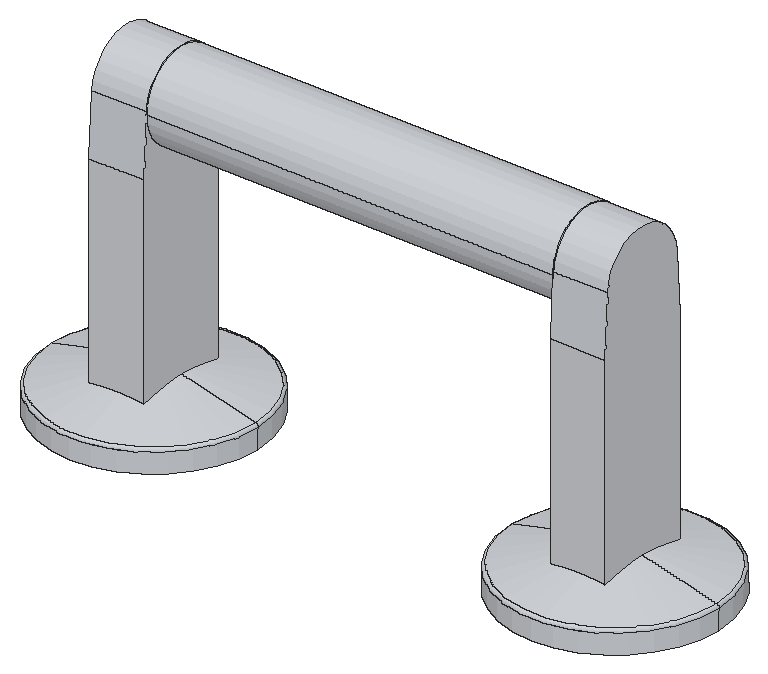
Revit family "Accessory-Tissue_Holder-KOHLER-Components-K-78382", category Specialty Equipment, host Face, Revit 2015
Parameters (values of type "CP-Polished Chrome")
  Width = 2 3/8"  # constant formula
  URL = "https://www.us.kohler.com/us/"
  Type = 1
  Product Page URL = "http://www.us.kohler.com/us/catalog/productDetails.jsp?productNumber=78382"
  Product Name = "Components"  # constant formula
  Product Documentation Link = "http://www.us.kohler.com/onlinecatalog/pdf/K-78382_spec.pdf"
  Model = if(Type = 1, "K-78382-CP", if(Type = 2, "K-78382-BN", if(Type = 3, "K-78382-BL", if(Type = 4, "K-78382-TT", "NA"))))  # "K-78382-CP"
  Material = "Premium Metal Construction"  # constant formula
  MasterFormat 2004 = "10.28.13"  # constant formula
  MasterFormat 1995 = "10820"  # constant formula
  Manufacturer Address = "444 Highland Dr, Kohler, WI 53044"  # constant formula
  Manufacturer = "KOHLER Co."  # constant formula
  Length = 5 1/4"  # constant formula
  Height = 3 13/16"  # constant formula
  Finish = Kohler-Metal-CP-Polished_Chrome
  Environmental Product Declaration = ""
  Description = "Pivoting Toilet Tissue Holder"  # constant formula
  Default Elevation = 42"
  Declare Label = ""
  Date Modified = "07/09/2018"  # constant formula
  Date Created = "07/09/2018"  # constant formula
  Copyright = "Copyright KOHLER Co."  # constant formula
  Contact Us = "https://www.us.kohler.com/us/static/contact.jsp"
  Assembly Code = "C1030200"
  ADA Compliant = 1 = 0  # no
Types (4): name | Type | Model | Finish
  (no name) | 1 | "K-78382-CP" | Kohler-Metal-CP-Polished_Chrome
  CP-Polished Chrome | 1 | "K-78382-CP" | Kohler-Metal-CP-Polished_Chrome
  BL-Matte Black | 3 | "K-78382-BL" | Kohler-Metal-BL-Matte_Black
  TT-Vibrant Titanium | 4 | "K-78382-TT" | Kohler-Metal-TT-Vibrant_Titanium
Reference planes (in)
  plane 1 "Center (Front/Back)": y = 0
  plane 2: z = 0
  plane 3 "Center (Left/Right)": x = 0
  plane 4: x = -2.625
  plane 5: x = 2.625
  plane 6: y = 1.1875
  plane 7: y = -1.1875
  plane 8: z = 3.8125
Dimensions and locks (in)
  "Length": plane 4 to plane 5
  "Width": plane 6 to plane 7
  "Height": plane 8 to level
  aligned and locked: plane 2 to host face
  aligned and locked: level to host face
Automatic sketch dimensions
  host sketch curve to host sketch curve = 96"  (x2)
Nested families (in)
  nested 1: "K-78382" at (0, 0, 0), type "K-78382"
Definition of nested family "K-78382"
  Parameters (values of type "K-78382")
    Material = none
    Length = 5 1/4"
  Reference planes (in)
    plane 1 "Center (Front/Back)": y = 0
    plane 2: z = 0
    plane 3 "Center (Left/Right)": x = 0
    plane 4: x = -2.625
    plane 5: x = 2.625
    plane 6: y = 1.1875
    plane 7: z = 3.8125
    plane 8: y = -1.1875
  Forms (in)
    Revolve 1, solid, material <- "Material", detail levels medium+fine
      sketch origin (0, 0, 0) x (1, 0, 0) y (0, 0, 1)
        loop
          line (-3.8125, 0) -> (-2.625, 0) -> (-2.625, 0.54137) -> (-3.78223, 0.26168)
          arc (-3.78223, 0.26168) -> (-3.80402, 0.24769) -> (-3.8125, 0.22322) r 0.03957
          line (-3.8125, 0.22322) -> (-3.8125, 0)
        axis (-2.625, 0.54137) -> (-2.625, 0)
      angle from 0 to 360
    Revolve 2, solid, material <- "Material", detail levels medium+fine
      sketch origin (0, 0, 0) x (-1, 0, 0) y (0, 0, 1)
        loop
          line (-3.8125, 0) -> (-2.625, 0) -> (-2.625, 0.54137) -> (-3.78223, 0.26168)
          arc (-3.78223, 0.26168) -> (-3.80402, 0.24769) -> (-3.8125, 0.22322) r 0.03957
          line (-3.8125, 0.22322) -> (-3.8125, 0)
        axis (-2.625, 0.54137) -> (-2.625, 0)
      angle from 0 to 360
    Extrusion 3, solid, material <- "Material"
      sketch origin (0, 0, 0) x (0, 1, 0) y (0, 0, 1)
        loop
          line (0.53148, 0.31966) -> (0.53148, 2.67688) -> (0.49187, 3.34968)
          arc (0.49187, 3.34968) -> (0.00002, 3.81344) -> (-0.49187, 3.34971) r 0.49272
          line (-0.49187, 3.34971) -> (-0.53152, 2.67688) -> (-0.53152, 0.31966) -> (0.53148, 0.31966)
      from 2.31594 to 2.93406
    Extrusion 4, solid, material <- "Material"
      sketch origin (0, 0, 0) x (0, 1, 0) y (0, 0, -1)
        loop
          line (0.53148, -0.31966) -> (-0.53152, -0.31966) -> (-0.53152, -2.67688) -> (-0.49187, -3.34971)
          arc (-0.49187, -3.34971) -> (0.00002, -3.81344) -> (0.49187, -3.34968) r 0.49272
          line (0.49187, -3.34968) -> (0.53148, -2.67688) -> (0.53148, -0.31966)
      from 2.31594 to 2.93406
    Extrusion 5, solid, material <- "Material"
      sketch origin (0, 0, 0) x (0, 1, 0) y (0, 0, 1)
        loop
          circle (0, 3.32072) r 0.49272
      from -2.31594 to 2.31594
    Extrusion 6, solid, material <- "Material", detail levels coarse
      sketch origin (0, 0, 0) x (1, 0, 0) y (0, 1, 0)
        loop
          circle (-2.625, 0) r 1.1875
        loop
          circle (2.625, 0) r 1.1875
      from 0 to 0.44658
  Cuts and joins
    joined: Revolve 1, Revolve 2
    joined: Extrusion 3, Extrusion 4
  Lines and regions (in)
    Masking region 1
      outline origin (0, 0, 0) x (0, 1, 0) y (0, 0, 1)
        loop
          line (-1.1875, 0) -> (1.1875, 0) -> (1.1875, 0.22546)
          arc (1.1875, 0.22546) -> (1.17952, 0.24851) -> (1.15899, 0.26168) r 0.03726
          line (1.15899, 0.26168) -> (0.53148, 0.41316) -> (0.53148, 2.67688) -> (0.49187, 3.34968)
          arc (0.49187, 3.34968) -> (0.00002, 3.81344) -> (-0.49187, 3.34971) r 0.49272
          line (-0.49187, 3.34971) -> (-0.53152, 2.67688) -> (-0.53152, 0.41315) -> (-1.15899, 0.26168)
          arc (-1.15899, 0.26168) -> (-1.17952, 0.24851) -> (-1.1875, 0.22546) r 0.03726
          line (-1.1875, 0.22546) -> (-1.1875, 0)
    Masking region 2
      outline origin (0, 0, 0) x (1, 0, 0) y (0, 0, 1)
        loop
          line (-3.8125, 0) -> (-1.4375, 0) -> (-1.4375, 0.22322)
          arc (-1.4375, 0.22322) -> (-1.44598, 0.24769) -> (-1.46777, 0.26168) r 0.03957
          line (-1.46777, 0.26168) -> (-2.31594, 0.46667) -> (-2.31594, 2.82631) -> (2.31594, 2.82631) -> (2.31594, 0.46667) -> (1.46777, 0.26168)
          arc (1.46777, 0.26168) -> (1.44598, 0.24769) -> (1.4375, 0.22322) r 0.03957
          line (1.4375, 0.22322) -> (1.4375, 0) -> (3.8125, 0) -> (3.8125, 0.22322)
          arc (3.8125, 0.22322) -> (3.80402, 0.24769) -> (3.78223, 0.26168) r 0.03957
          line (3.78223, 0.26168) -> (2.93406, 0.46667) -> (2.93406, 3.8125) -> (-2.93406, 3.8125) -> (-2.93406, 0.46667) -> (-3.78223, 0.26168)
          arc (-3.78223, 0.26168) -> (-3.80402, 0.24769) -> (-3.8125, 0.22322) r 0.03957
          line (-3.8125, 0.22322) -> (-3.8125, 0)
    Masking region 3
      outline origin (0, 0, 0) x (1, 0, 0) y (0, 1, 0)
        loop
          line (-1.54477, -0.49321) -> (1.54477, -0.49321)
          arc (1.54477, -0.49321) -> (3.8125, 0.00004) -> (1.54474, 0.49314) r 1.1875
          line (1.54474, 0.49314) -> (-1.54474, 0.49314)
          arc (-1.54474, 0.49314) -> (-3.8125, 0.00004) -> (-1.54477, -0.49321) r 1.1875
    symbolic lines, detail levels medium+fine
      curve 1: arc (0, 0, 0.46667) -> (0, 0.26754, 0.44262) -> (0, 0.53148, 0.39271) r 2.76424
      curve 2: arc (0, -0.53152, 0.3927) -> (0, -0.26756, 0.44261) -> (0, 0, 0.46667) r 2.76424
      curve 3: line (-2.31594, 0, 2.82631) -> (-2.31594, 0, 3.81274)
      curve 4: line (2.31594, 0, 2.82631) -> (2.31594, 0, 3.81274)
      curve 5: line (-2.93406, 0, 0.46667) -> (-2.31594, 0, 0.46667)
      curve 6: line (2.31594, 0, 0.46667) -> (2.93406, 0, 0.46667)
      curve 7: line (-2.93406, 0.53038, 0) -> (-2.93406, -0.53038, 0)
      curve 8: line (-2.31594, -0.53038, 0) -> (-2.31594, 0.53038, 0)
      curve 9: line (2.93406, -0.53038, 0) -> (2.93406, 0.53038, 0)
      curve 10: line (2.31594, 0.53038, 0) -> (2.31594, -0.53038, 0)
      curve 11: line (2.93406, 0.53038, 0) -> (2.31594, 0.53038, 0)
      curve 12: line (2.31594, -0.53038, 0) -> (2.93406, -0.53038, 0)
      curve 13: line (-2.93406, 0.53038, 0) -> (-2.31594, 0.53038, 0)
      curve 14: line (-2.31594, -0.53038, 0) -> (-2.93406, -0.53038, 0)
      curve 15: line (-1.54474, 0.49314, 0) -> (-2.31594, 0.49314, 0)
      curve 16: line (-1.54477, -0.49321, 0) -> (-2.31594, -0.49321, 0)
      curve 17: line (1.54474, 0.49314, 0) -> (2.31594, 0.49314, 0)
      curve 18: line (1.54477, -0.49321, 0) -> (2.31594, -0.49321, 0)
      curve 19: line (0, -0.53152, 0.43794) -> (0, -0.53152, 0.3927)
      curve 20: line (0, 0.53148, 0.43921) -> (0, 0.53148, 0.39271)
      curve 21: line (-2.31594, 0, 2.67688) -> (-2.93406, 0, 2.67688)
      curve 22: line (2.31594, 0, 2.67688) -> (2.93406, 0, 2.67688)
  Dimensions and locks (in)
    equal spacing: plane 4, plane 3 "Center (Left/Right)", plane 5
    "Length": plane 4 to plane 5
    locked: Revolve 1 sketch curve to plane 4 at 1.1875
    locked: Revolve 2 sketch curve to plane 5 at 1.1875
    equal spacing: Extrusion 3, plane 5, Extrusion 3
    equal spacing: Extrusion 4, plane 4, Extrusion 4
    plane 7 to level = 3 13/16"
    equal spacing: Masking region 2 sketch curve, plane 4, Masking region 2 sketch curve
    locked: Masking region 2 sketch curve to Masking region 2 sketch curve at 2.375  (x2)
    equal spacing: Masking region 2 sketch curve, plane 5, Masking region 2 sketch curve
    locked: cut or joined group of Extrusion 3, Extrusion 4 to cut or joined group of Extrusion 3, Extrusion 4 at 0.61811  (x2)
    plane 6 to plane 8 = 2 3/8"
    aligned and locked: plane 2 to level
    aligned and locked: Revolve 1 sketch curve to plane 4
    aligned and locked: plane 4 to Revolve 1 sketch curve
    aligned and locked: plane 5 to Revolve 2 sketch curve
    aligned and locked: Revolve 2 sketch curve to plane 5
    aligned and locked: Extrusion 5 to Extrusion 4
    aligned and locked: Extrusion 5 to Extrusion 3
    aligned and locked: cut or joined group of Extrusion 3, Extrusion 4 to Masking region 2 sketch curve  (x4)
    aligned and locked: Masking region 2 sketch curve to cut or joined group of Extrusion 3, Extrusion 4  (x2)
    aligned and locked: Masking region 2 to curve 3
    aligned and locked: curve 4 to Masking region 2
    aligned and locked: curve 5 to Masking region 2
    aligned and locked: curve 6 to Masking region 2
    aligned and locked: Masking region 3 sketch curve to cut or joined group of Revolve 1, Revolve 2  (x2)
    aligned and locked: cut or joined group of Extrusion 3, Extrusion 4 to curve 7
    aligned and locked: cut or joined group of Extrusion 3, Extrusion 4 to curve 8
    aligned and locked: cut or joined group of Extrusion 3, Extrusion 4 to curve 9
    aligned and locked: cut or joined group of Extrusion 3, Extrusion 4 to curve 10
    aligned and locked: curve 15 to Masking region 3
    aligned and locked: curve 16 to Masking region 3
    aligned and locked: curve 17 to Masking region 3
    aligned and locked: curve 18 to Masking region 3
    aligned and locked: Extrusion 6 sketch curve to Masking region 3  (x2)
    aligned and locked: curve 21 to cut or joined group of Extrusion 3, Extrusion 4
    aligned and locked: curve 22 to cut or joined group of Extrusion 3, Extrusion 4
  Automatic sketch dimensions
    Masking region 1 sketch curve to level = 0"
    Masking region 1 sketch curve to plane 8 = 0"
    Masking region 1 sketch curve to plane 6 = 0"
    Masking region 1 sketch curve to plane 8 = 0.02851"
    Masking region 1 sketch curve to Masking region 1 sketch curve = 0.00874"
    Masking region 1 sketch curve to plane 1 "Center (Front/Back)" = 0.53148"
    Masking region 1 sketch curve to Masking region 1 sketch curve = 0.03726"
    Masking region 1 sketch curve to plane 6 = 0.02851"
    level to Masking region 1 sketch curve = 0.22546"  (x2)
    level to Masking region 1 sketch curve = 0.41316"
    Revolve 1 sketch curve to level = 0"  (x2)
    level to Revolve 1 sketch curve = 0.26168"
    Revolve 1 sketch curve to Revolve 1 sketch curve = 0.03027"
    Revolve 1 sketch curve to Revolve 1 sketch curve = 0.0093"
    level to Revolve 1 sketch curve = 0.54137"
    Revolve 1 sketch curve to Revolve 1 sketch curve = 0.35774"
    Revolve 2 sketch curve to level = 0"  (x2)
    Revolve 2 sketch curve to level = 0.26168"
    Revolve 2 sketch curve to Revolve 2 sketch curve = 0.03027"
    Revolve 2 sketch curve to Revolve 2 sketch curve = 0.0093"
    Revolve 2 sketch curve to Revolve 2 sketch curve = 0.54137"
    level to Revolve 2 sketch curve = 0.35774"
    Masking region 2 sketch curve to plane 7 = 0"
    Masking region 2 sketch curve to level = 0"  (x2)
    level to Masking region 2 sketch curve = 0.26168"  (x4)
    Masking region 2 sketch curve to Masking region 2 sketch curve = 0.03027"  (x2)
    Masking region 2 sketch curve to Masking region 2 sketch curve = 0.0093"  (x3)
    Masking region 2 sketch curve to Masking region 2 sketch curve = 0.03957"  (x3)
    level to Masking region 2 sketch curve = 0.46667"  (x4)
    Masking region 2 sketch curve to plane 7 = 0.98619"
    curve 5 to plane 4 = 0.30906"
    plane 4 to curve 5 = 0.30906"
    curve 6 to plane 5 = 0.30906"
    plane 5 to curve 6 = 0.30906"
    curve 4 to plane 7 = 0.98619"
    curve 3 to plane 7 = 0.98619"
    plane 7 to curve 4 = 0.00024"
    plane 7 to curve 3 = 0.00024"
    plane 1 "Center (Front/Back)" to Masking region 3 sketch curve = 0.49321"
    Masking region 3 sketch curve to plane 1 "Center (Front/Back)" = 0.49314"
    curve 10 to curve 18 = 0.03716"
    plane 1 "Center (Front/Back)" to curve 16 = 0.49321"
    curve 17 to curve 10 = 0.03724"
    curve 15 to curve 8 = 0.03724"
    plane 1 "Center (Front/Back)" to Extrusion 4 sketch curve = 0.53152"
    plane 1 "Center (Front/Back)" to Extrusion 4 sketch curve = 0.49187"
    Extrusion 4 sketch curve to plane 1 "Center (Front/Back)" = 0"
    Extrusion 4 sketch curve to plane 7 = 0.46282"
    Extrusion 4 sketch curve to plane 1 "Center (Front/Back)" = 0.49187"
    Extrusion 4 sketch curve to plane 1 "Center (Front/Back)" = 0.53148"
    Extrusion 4 sketch curve to Extrusion 4 sketch curve = 0.00003"
    Extrusion 4 sketch curve to Extrusion 4 sketch curve = 0.67283"
    level to Extrusion 4 sketch curve = 0.31966"
    Extrusion 4 sketch curve to Extrusion 4 sketch curve = 0.6728"
    plane 1 "Center (Front/Back)" to curve 7 = 0.53038"
    curve 8 to plane 1 "Center (Front/Back)" = 0.53038"
    plane 1 "Center (Front/Back)" to Extrusion 3 sketch curve = 0.53152"
    plane 1 "Center (Front/Back)" to Extrusion 3 sketch curve = 0.49187"
    Extrusion 3 sketch curve to plane 1 "Center (Front/Back)" = 0"
    Extrusion 3 sketch curve to plane 7 = 0.46282"
    Extrusion 3 sketch curve to plane 1 "Center (Front/Back)" = 0.49187"
    Extrusion 3 sketch curve to plane 1 "Center (Front/Back)" = 0.53148"
    Extrusion 3 sketch curve to plane 7 = 0.49178"
    Extrusion 3 sketch curve to Extrusion 3 sketch curve = 0.67283"
    Extrusion 3 sketch curve to Extrusion 3 sketch curve = 0.6728"
    level to Extrusion 3 sketch curve = 0.31966"
    plane 1 "Center (Front/Back)" to curve 12 = 0.53038"
    curve 11 to plane 1 "Center (Front/Back)" = 0.53038"
    level to Masking region 1 sketch curve = 0.41315"
    Masking region 1 sketch curve to plane 7 = 1.13562"
    Masking region 1 sketch curve to plane 1 "Center (Front/Back)" = 0.49187"
    Masking region 1 sketch curve to plane 7 = 0.46282"
    Masking region 1 sketch curve to Masking region 1 sketch curve = 0"
    plane 1 "Center (Front/Back)" to Masking region 1 sketch curve = 0.49187"
    Masking region 1 sketch curve to plane 7 = 0.46279"
    Masking region 1 sketch curve to plane 7 = 0.49178"
    plane 1 "Center (Front/Back)" to Masking region 1 sketch curve = 0.53152"
    curve 2 to plane 1 "Center (Front/Back)" = 0"
    plane 1 "Center (Front/Back)" to curve 1 = 0.1135"
    curve 2 to plane 1 "Center (Front/Back)" = 0.1135"
    curve 20 to plane 1 "Center (Front/Back)" = 0.53148"
    curve 2 to level = 2.29523"
    curve 1 to curve 2 = 0"
    level to curve 20 = 0.39271"
    level to curve 2 = 0.3927"
    curve 2 to curve 19 = 0.04525"
    curve 1 to curve 20 = 0.0465"
    plane 4 to curve 21 = 0.30906"
    curve 3 to curve 21 = 0"
    curve 4 to curve 22 = 0"
    plane 5 to curve 22 = 0.30906"
